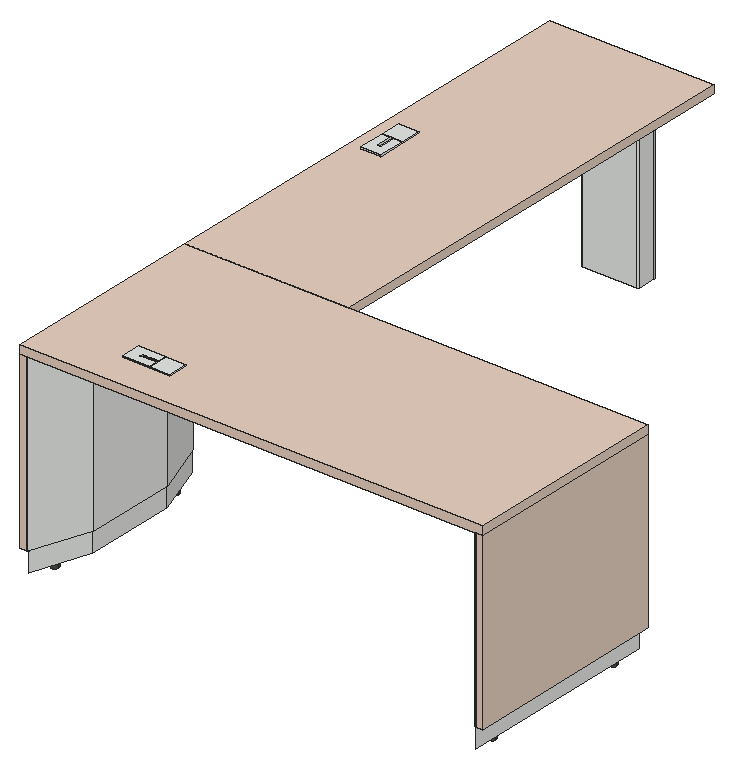
Revit family "Workstations-Multi_Level-Teknion-B_AUHB_L_Shape_Desk_for_U_Shape_High_Secondary_Desk_Bevel_Bases-R2018", category Furniture, Revit 2018
Family settings
  OmniClass Number = 23.40.20.00
  OmniClass Title = General Furniture and Specialties
  Work Plane-Based = No
  Always vertical = Yes
  Cut with Voids When Loaded = No
  Shared = Yes
  Room Calculation Point = No
Parameters (values of type "Rectangular Grommet on Desk & Return")
  Worksurface Thickness Options [instance] = "Select one of the options below:"  # constant formula
  Worksurface Thickness [instance] = if([1 3/16" Worksurface Thickness], 1.189", 1.555")  # 1.189"
  Worksurface Finish [instance] = Veneer-Teknion-5T-Flintwood-White_Truffle (Long Grain)
  Width B [instance] = 93.000"
  Width A [instance] = 65.000"
  Warranty = "http://www.teknion.com/ca/papers/legal-canada"
  Unit Weight URL = "http://www.teknion.com/ca/tools/assets#&asset=bee6a381-b954-425e-8283-5a2de3a804f2,f828d448-4b62-4231-9e5f-9a8991c0ed77"
  URL = "www.teknion.com"
  To render please download texture images found here [instance] = "https://assets.teknion.com/web/5e81352c1dfdb467/revit-material-swatches/"
  Sustainability Data = "https://www.teknion.com/ca/tools/assets#&topic=216f99a5-57a0-44fc-b10a-9dee9b29ae4c&asset=444deb64-fe58-4b68-981e-f75e97781df7,b4ff2d81-9f2e-437d-9659-7cffb09c31cf"
  Suspended Modesty Panel - Solid Finish [instance] = Veneer-Teknion-5T-Flintwood-White_Truffle (Long Grain)
  Suspended Modesty Panel - Solid [instance] = no
  Suspended Modesty Panel - Glass Hardware Finish [instance] = Paint - Teknion - Mica - Very White
  Suspended Modesty Panel - Glass Finish [instance] = Glass - Teknion - FT - Frosted Glass
  Suspended Modesty Panel - Glass [instance] = no
  Suspended Modesty Panel - Felt Finish [instance] = Fabric-Teknion-RB13-Carrera
  Suspended Modesty Panel - Felt [instance] = no
  Suspended Modest Panel Options [instance] = "Select one of the options below:"  # constant formula
  Suspended Modest Panel Height Options [instance] = "Select one of the options below:"  # constant formula
  Square Grommet on Return Cut Depth = 0.500"
  Square Grommet on Return = Square Grommet on Return Cut Depth = 4.000"  # no
  Square Grommet on Desk Cut Hole Depth = 0.500"
  Square Grommet on Desk = Square Grommet on Desk Cut Hole Depth = 4.000"  # no
  Series = "Expansion Casegoods"  # constant formula
  Rectangular Grommet on Desk = yes
  Rectangular Grommet On Return = yes
  Product Page URL = "https://www.teknion.com/ca/products/product-details?productlineid=0053336e-8e7a-673b-a6c8-ff00004460c4"
  Product Line = "Expansion Casegoods"  # constant formula
  Product Documentation Link #4 = "https://www.teknion.com/pricing/expansion-casegoods/pdfs/BASME_ppg.pdf"
  Product Documentation Link #3 = "https://www.teknion.com/pricing/expansion-casegoods/pdfs/BASMG_ppg.pdf"
  Product Documentation Link #2 = "https://www.teknion.com/pricing/expansion-casegoods/pdfs/BASML_ppg.pdf"
  Product Documentation Link = "https://www.teknion.com/pricing/expansion-casegoods/pdfs/B_AUHB_ppg.pdf"
  Part Number = "B_AUHB"  # constant formula
  No Suspended Modesty Panel [instance] = and(not([Suspended Modesty Panel - Felt]), not([Suspended Modesty Panel - Glass]), not([Suspended Modesty Panel - Solid]))  # yes
  Modesty Panel Width [instance] = if([1 3/16" Worksurface Thickness], 4.500", 5.000")  # 4.500"
  Modesty Panel Height [instance] = if([6" Height Suspended Modesty Panel], 6.636", 10.009")  # 6.636"
  Model = "B_AUHBE____O_"
  Manufacturer Phone = "416-661-3370"  # constant formula
  Manufacturer Fax = "416.661.4586"  # constant formula
  Manufacturer Contact Information = "http://www.teknion.com/ca/contactus"
  Manufacturer Address = "1150 Flint Road, Toronto, ON. M3J 2J5. Canada"  # constant formula
  Manufacturer = "Teknion"  # constant formula
  How To Use Teknion Materials User Guide [instance] = "https://assets.teknion.com/m/205dd0a49fa58060/original/How-to-add-a-Material-Library-and-Texture-Images-to-your-Revit-project.pdf"
  Height [instance] = 29.000"
  Grommet Finish [instance] = Paint - Teknion - Foundation - Crisp Grey
  Gable Thickness [instance] = if([1 3/16" Worksurface Thickness], 1.016", 1.555")  # 1.016"
  For Additional Finishes please visit [instance] = "https://assets.teknion.com/m/44a8009b046e5d47/original/Teknion_Materials_Library.zip"
  Fixed Height Bevel Base - Solid End Panel Finish [instance] = Veneer-Teknion-5T-Flintwood-White_Truffle (Long Grain)
  Fixed Height Bevel Base - Base Finish [instance] = Paint - Teknion - Foundation - Crisp Grey
  Description = "Height-Adjustable L-Shape Desk for U-Shape Workstation - High Secondary Desk - Bevel Bases, Extended Range - 29\" to 48\", Rectangular on Desk & Return"
  Depth B [instance] = 23.000"
  Depth A [instance] = 29.000"
  Connection Node Visibility [instance] = yes
  Available Width B [instance] = "93, 99, and 105 Inches"  # constant formula
  Available Width A [instance] = "65, 71, 77, 83, and 89 Inches"  # constant formula
  Available Heights [instance] = "29 to 48 Inches"  # constant formula
  Available Depth B [instance] = "23 or 29 Inches"  # constant formula
  Available Depth A [instance] = "29 or 35 Inches"  # constant formula
  Assembly Code = "E2020200"
  Actual Height [instance] = if([1 3/16" Worksurface Thickness], Height - 0.004", Height + 0.366")  # 28.996"
  6" Height Suspended Modesty Panel [instance] = yes
  10" Height Suspended Modesty Panel [instance] = not([6" Height Suspended Modesty Panel])  # no
  1 9/16" Worksurface Thickness [instance] = not([1 3/16" Worksurface Thickness])  # no
  1 3/16" Worksurface Thickness [instance] = yes
Types (6): name | Suspended Modesty Panel - Solid | Suspended Modesty Panel - Glass | Suspended Modesty Panel - Felt | Square Grommet on Return Cut Depth | Square Grommet on Return | Square Grommet on Desk Cut Hole Depth | Square Grommet on Desk | Rectangular Grommet on Desk | No Suspended Modesty Panel | Model | Description
  (no name) | no | no | no | 0.500" | no | 0.500" | no | yes | yes | "B_AUHBE____O_" | "Height-Adjustable L-Shape Desk for U-Shape Workstation - High Secondary Desk - Bevel Bases, Extended Range - 29\" to 48\", Rectangular on Desk & Return"
  Rectangular Grommet on Desk & Return | no | no | no | 0.500" | no | 0.500" | no | yes | yes | "B_AUHBE____O_" | "Height-Adjustable L-Shape Desk for U-Shape Workstation - High Secondary Desk - Bevel Bases, Extended Range - 29\" to 48\", Rectangular on Desk & Return"
  Rectangular Grommet on Return with Square Cutout on Return | no | no | no | 4.000" | yes | 0.500" | no | no | yes | "B_AUHBE____A_" | "Height-Adjustable L-Shape Desk for U-Shape Workstation - High Secondary Desk - Bevel Bases, Extended Range - 29\" to 48\", Rectangular & Square on Return"
  Rectangular Grommet on Return | yes | yes | yes | 0.500" | no | 0.500" | no | no | no | "B_AUHBE____N_" | "Height-Adjustable L-Shape Desk for U-Shape Workstation - High Secondary Desk - Bevel Bases, Extended Range - 29\" to 48\", Rectangular Grommet on Return"
  Rectangular Grommet on Desk & Return with Square Cutout on Desk | yes | yes | yes | 0.500" | no | 4.000" | yes | yes | no | "B_AUHBE____P_" | "Height-Adjustable L-Shape Desk for U-Shape Workstation - High Secondary Desk - Bevel Bases, Extended Range - 29\" to 48\", Rectangular on Desk & Return/Square on Desk"
  Rectangular Grommet on Desk & Return with Square Cutout on Return | yes | yes | yes | 4.000" | yes | 0.500" | no | yes | no | "B_AUHBE____Q_" | "Height-Adjustable L-Shape Desk for U-Shape Workstation - High Secondary Desk - Bevel Bases, Extended Range - 29\" to 48\", Rectangular on Desk & Return/Square on Return"
Reference planes (in)
  plane 1 "Center Front/Back": y = 0
  plane 2: z = 0
  plane 3 "Center Left/Right": x = -28
  plane 4 "Left": x = -51
  plane 5 "Right": x = 14
  plane 6 "Back": y = 64
  plane 7 "Front": y = -29
  plane 8 "Top": z = 28.996
  plane 9: x = -18.5
  plane 10: y = 32
  plane 11: y = -14.5
  plane 12: x = -39.5
  plane 13: z = 27.807
  plane 14: z = 0.60236
  plane 15: z = 3.44873
  plane 16: z = 25.807
  plane 17: z = 30.496
  plane 18: x = -49.984
  plane 19: x = 12.984
  plane 20: x = -46.5
  plane 21: x = 9.5
  plane 22: y = -21
  plane 23: z = 21.171
Forms (in)
  Sweep 1, solid, material "Veneer-Teknion-5T-Flintwood-White_Truffle (Long Grain)" <- "Worksurface Finish"
    path origin (0, 0, 0) x (1, 0, 0) y (0, 0, 1)
      loop
        line (-18.5, 28.996) -> (-18.5, 27.807)
    profile origin (-18.5, 0, 28.4015) x (0, -1, 0) y (1, 0, 0)
      loop
        line (-64, -32.5) -> (0, -32.5) -> (0, -9.5) -> (-64, -9.5) -> (-64, -32.5)
  Sweep 2, solid, material "Veneer-Teknion-5T-Flintwood-White_Truffle (Long Grain)" <- "Worksurface Finish"
    path origin (0, 0, 0) x (1, 0, 0) y (0, 0, 1)
      loop
        line (-18.5, 28.996) -> (-18.5, 27.807)
    profile origin (-18.5, 0, 28.4015) x (0, -1, 0) y (1, 0, 0)
      loop
        line (0, -32.5) -> (29, -32.5) -> (29, 32.5) -> (0, 32.5) -> (0, -32.5)
  Sweep 3, solid, material "Veneer-Teknion-5T-Flintwood-White_Truffle (Long Grain)" <- "Fixed Height Bevel Base - Solid End Panel Finish"
    path origin (27.409, -14.5, 0) x (1, 0, 0) y (0, 0, 1)
      loop
        line (-77.89986, 3.44873) -> (-77.89986, 27.807)
    profile origin (-50.49086, -14.5, 15.62787) x (-1, 0, 0) y (0, -1, 0)
      loop
        line (0.50914, -14.5) -> (0.50914, 14.5) -> (-0.50686, 14.5) -> (-0.50686, -14.5) -> (0.50914, -14.5)
  Sweep 4, solid, material "Paint - Teknion - Foundation - Crisp Grey" <- "Fixed Height Bevel Base - Base Finish"
    path origin (26.86975, -14.5, 0) x (1, 0, 0) y (0, 0, 1)
      loop
        line (-75.5, 0.60236) -> (-75.5, 3.44873)
    profile origin (-48.63025, -14.5, 2.02555) x (-1, 0, 0) y (0, -1, 0)
      loop
        line (1.27514, 14.32386) -> (-1.44533, 6.48638) -> (-1.44533, -6.48638) -> (1.27514, -14.32386) -> (1.27514, 14.32386)
  Sweep 5, solid, material "Paint - Teknion - Foundation - Crisp Grey" <- "Fixed Height Bevel Base - Base Finish"
    path origin (26.86975, -14.5, 0) x (1, 0, 0) y (0, 0, 1)
      loop
        line (-75.72802, 3.44873) -> (-75.72802, 27.807)
    profile origin (-48.85827, -14.5, 15.62787) x (-1, 0, 0) y (0, -1, 0)
      loop
        line (1.0248, -14.5) -> (1.12598, -14.5) -> (1.12598, 14.5) -> (1.0248, 14.5) -> (-1.75209, 6.5) -> (-1.75209, -6.5) -> (1.0248, -14.5)
  Sweep 6, solid, material "Veneer-Teknion-5T-Flintwood-White_Truffle (Long Grain)" <- "Fixed Height Bevel Base - Solid End Panel Finish"
    path origin (-58.409, -14.5, 0) x (-1, 0, 0) y (0, 0, 1)
      loop
        line (-71.88934, 3.44873) -> (-71.88934, 27.807)
    profile origin (13.48034, -14.5, 15.62787) x (1, 0, 0) y (0, 1, 0)
      loop
        line (0.51966, -14.5) -> (0.51966, 14.5) -> (-0.49634, 14.5) -> (-0.49634, -14.5) -> (0.51966, -14.5)
  Sweep 7, solid, material "Paint - Teknion - Foundation - Crisp Grey" <- "Fixed Height Bevel Base - Base Finish"
    path origin (-57.86975, -14.5, 0) x (-1, 0, 0) y (0, 0, 1)
      loop
        line (-69.41496, 0.60236) -> (-69.41496, 3.44873)
    profile origin (11.54522, -14.5, 2.02555) x (1, 0, 0) y (0, 1, 0)
      loop
        line (1.36018, 14.32386) -> (-1.3603, 6.48638) -> (-1.3603, -6.48638) -> (1.36018, -14.32386) -> (1.36018, 14.32386)
  Sweep 8, solid, material "Paint - Teknion - Foundation - Crisp Grey" <- "Fixed Height Bevel Base - Base Finish"
    path origin (-57.86975, -14.5, 0) x (-1, 0, 0) y (0, 0, 1)
      loop
        line (-69.5, 3.44873) -> (-69.5, 27.807)
    profile origin (11.63025, -14.5, 15.62787) x (1, 0, 0) y (0, 1, 0)
      loop
        line (1.25281, -14.5) -> (1.354, -14.5) -> (1.354, 14.5) -> (1.25281, 14.5) -> (-1.52407, 6.5) -> (-1.52407, -6.5) -> (1.25281, -14.5)
  Sweep 9, solid, material "Plastic - Teknion - E - Ebony"
    path origin (0, 0, 0) x (1, 0, 0) y (0, 0, 1)
      loop
        line (12.17585, 0) -> (12.17585, 0.60236)
    profile origin (12.17585, 0, 0.30118) x (-1, 0, 0) y (0, -1, 0)
      loop
        circle (61.41775, 3.91721) r 0.5
      loop
        circle (61.41775, 25.08279) r 0.5
      loop
        circle (-0.06604, 3.91721) r 0.5
      loop
        circle (-0.06604, 25.08279) r 0.5
  Sweep 10, solid, material "Paint - Teknion - Foundation - Crisp Grey" <- "Fixed Height Bevel Base - Base Finish"
    path origin (0, 0, 0) x (1, 0, 0) y (0, 1, 0)
      loop
        line (-42.76772, -14.5) -> (5.76772, -14.5)
    profile origin (-18.5, -14.5, 0) x (0, 1, 0) y (0, 0, 1)
      loop
        line (2.6752, 27.807) -> (-2.6752, 27.807) -> (-2.6752, 25.807) -> (2.6752, 25.807) -> (2.6752, 27.807)
  Sweep 11, solid, material "Paint - Teknion - Foundation - Crisp Grey" <- "Fixed Height Bevel Base - Base Finish"
    path origin (0, 0, 0) x (1, 0, 0) y (0, 1, 0)
      loop
        line (-47.10618, -14.5) -> (-42.76772, -14.5)
    profile origin (-44.93695, -14.5, 0) x (0, 1, 0) y (0, 0, 1)
      loop
        line (1.89961, 27.61802) -> (5.90551, 27.61802) -> (5.90551, 27.807) -> (-5.90551, 27.807) -> (-5.90551, 27.61802) -> (-1.89961, 27.61802) -> (-1.89961, 25.99598) -> (1.89961, 25.99598) -> (1.89961, 27.61802)
  Sweep 12, solid, material "Paint - Teknion - Foundation - Crisp Grey" <- "Fixed Height Bevel Base - Base Finish"
    path origin (59.04522, 0, 0) x (1, 0, 0) y (0, 1, 0)
      loop
        line (-53.2775, -14.5) -> (-48.93904, -14.5)
    profile origin (7.93695, -14.5, 0) x (0, 1, 0) y (0, 0, 1)
      loop
        line (-5.90551, 27.61802) -> (-1.89961, 27.61802) -> (-1.89961, 26.01137) -> (1.89961, 26.01137) -> (1.89961, 27.61802) -> (5.90551, 27.61802) -> (5.90551, 27.807) -> (-5.90551, 27.807) -> (-5.90551, 27.61802)
  Sweep 13, solid, material "Paint - Teknion - Foundation - Crisp Grey" <- "Grommet Finish", visible <- "Rectangular Grommet On Return"
    path origin (0, 0, 0) x (1, 0, 0) y (0, 0, 1)
      loop
        line (-47.85039, 29.14954) -> (-47.85039, 28.996)
    profile origin (-47.85039, 0, 29.07277) x (0, -1, 0) y (1, 0, 0)
      loop
        line (-35.32716, -1.42203) -> (-32.47993, -1.42203) -> (-32.47993, 1.42203) -> (-35.32716, 1.42203) -> (-35.32716, -1.42203)
  Sweep 14, solid, material "Paint - Teknion - Foundation - Crisp Grey" <- "Grommet Finish", visible <- "Rectangular Grommet On Return"
    path origin (0, 0, 0) x (1, 0, 0) y (0, 0, 1)
      loop
        line (-47.85039, 29.14954) -> (-47.85039, 28.996)
    profile origin (-47.85039, 0, 29.07277) x (0, -1, 0) y (1, 0, 0)
      loop
        line (-32.47993, -1.42203) -> (-28.67284, -1.42203) -> (-28.67284, 1.42203) -> (-32.47993, 1.42203) -> (-32.47993, 0.21267) -> (-30.20033, 0.21267) -> (-30.20033, -0.21267) -> (-32.47993, -0.21267) -> (-32.47993, -1.42203)
  Sweep 15, solid, material "Paint - Teknion - Foundation - Crisp Grey" <- "Fixed Height Bevel Base - Base Finish"
    path origin (0, 0, 0) x (1, 0, 0) y (0, 1, 0)
      loop
        line (-39.5, 0) -> (-39.5, 43.12)
    profile origin (-39.5, 21.56, 0) x (-1, 0, 0) y (0, 0, 1)
      loop
        line (-2.1752, 27.807) -> (-2.1752, 25.807) -> (3.1752, 25.807) -> (3.1752, 27.807) -> (-2.1752, 27.807)
  Sweep 16, void
    path origin (0, 0, 0) x (1, 0, 0) y (0, 0, 1)
      loop
        line (-48.47235, 30.496) -> (-48.47235, 29.996)
    profile origin (-48.47235, 0, 30.246) x (0, -1, 0) y (1, 0, 0)
      loop
        arc (-22.99213, 1.21644) -> (-23.1132, 1.50875) -> (-23.40551, 1.62983) r 0.41339
        line (-23.40551, 1.62983) -> (-24.59449, 1.62983)
        arc (-24.59449, 1.62983) -> (-24.8868, 1.50875) -> (-25.00787, 1.21644) r 0.41339
        line (-25.00787, 1.21644) -> (-25.00787, 0.02747)
        arc (-25.00787, 0.02747) -> (-24.8868, -0.26484) -> (-24.59449, -0.38592) r 0.41339
        line (-24.59449, -0.38592) -> (-23.40551, -0.38592)
        arc (-23.40551, -0.38592) -> (-23.1132, -0.26484) -> (-22.99213, 0.02747) r 0.41339
        line (-22.99213, 0.02747) -> (-22.99213, 1.21644)
  Sweep 17, solid, material "Paint - Teknion - Foundation - Crisp Grey" <- "Grommet Finish", visible <- "Rectangular Grommet on Desk"
    path origin (-69.19685, -70.55118, 0) x (0, -1, 0) y (0, 0, 1)
      loop
        line (-47.85039, 29.14954) -> (-47.85039, 28.996)
    profile origin (-69.19685, -22.70079, 29.07277) x (-1, 0, 0) y (0, -1, 0)
      loop
        line (-35.32716, -1.42203) -> (-32.47993, -1.42203) -> (-32.47993, 1.42203) -> (-35.32716, 1.42203) -> (-35.32716, -1.42203)
  Sweep 18, solid, material "Paint - Teknion - Foundation - Crisp Grey" <- "Grommet Finish", visible <- "Rectangular Grommet on Desk"
    path origin (-69.19685, -70.55118, 0) x (0, -1, 0) y (0, 0, 1)
      loop
        line (-47.85039, 29.14954) -> (-47.85039, 28.996)
    profile origin (-69.19685, -22.70079, 29.07277) x (-1, 0, 0) y (0, -1, 0)
      loop
        line (-32.47993, -1.42203) -> (-28.67284, -1.42203) -> (-28.67284, 1.42203) -> (-32.47993, 1.42203) -> (-32.47993, 0.21267) -> (-30.20033, 0.21267) -> (-30.20033, -0.21267) -> (-32.47993, -0.21267) -> (-32.47993, -1.42203)
  Sweep 19, void
    path origin (2.65354, -46.70079, 0) x (1, 0, 0) y (0, 0, 1)
      loop
        line (-47.9566, 30.496) -> (-47.9566, 29.996)
    profile origin (-45.30306, -46.70079, 30.246) x (0, -1, 0) y (1, 0, 0)
      loop
        arc (-22.99213, 0.70069) -> (-23.1132, 0.993) -> (-23.40551, 1.11408) r 0.41339
        line (-23.40551, 1.11408) -> (-24.59449, 1.11408)
        arc (-24.59449, 1.11408) -> (-24.8868, 0.993) -> (-25.00787, 0.70069) r 0.41339
        line (-25.00787, 0.70069) -> (-25.00787, -0.48828)
        arc (-25.00787, -0.48828) -> (-24.8868, -0.78059) -> (-24.59449, -0.90167) r 0.41339
        line (-24.59449, -0.90167) -> (-23.40551, -0.90167)
        arc (-23.40551, -0.90167) -> (-23.1132, -0.78059) -> (-22.99213, -0.48828) r 0.41339
        line (-22.99213, -0.48828) -> (-22.99213, 0.70069)
  Sweep 20, void
    path origin (0, 0, 0) x (1, 0, 0) y (0, 0, 1)
      loop
        line (-28, 23.807) -> (-28, 30.057)
    profile origin (-28, 0, 26.932) x (-1, 0, 0) y (0, -1, 0)
      loop
        line (14.76772, 12.60039) -> (14.76772, 8.59449) -> (15.11024, 8.59449) -> (15.11024, 12.60039) -> (14.76772, 12.60039)
      loop
        line (14.76772, 16.39961) -> (15.11024, 16.39961) -> (15.11024, 20.40551) -> (14.76772, 20.40551) -> (14.76772, 16.39961)
      loop
        line (-34.11024, 12.60039) -> (-34.11024, 8.59449) -> (-33.76772, 8.59449) -> (-33.76772, 12.60039) -> (-34.11024, 12.60039)
      loop
        line (-34.11024, 16.39961) -> (-33.76772, 16.39961) -> (-33.76772, 20.40551) -> (-34.11024, 20.40551) -> (-34.11024, 16.39961)
  Sweep 21, solid, material "Paint - Teknion - Foundation - Ebony", visible <- "Suspended Modesty Panel - Felt"
    path origin (0, 0, 0) x (1, 0, 0) y (0, 1, 0)
      loop
        line (-46.5, 0) -> (9.5, 0)
    profile origin (-18.5, 0, 0) x (0, 1, 0) y (0, 0, 1)
      loop
        line (-20.72441, 21.171) -> (-20.67717, 21.171) -> (-20.67717, 27.75976) -> (-20.13386, 27.75976) -> (-20.13386, 27.17708) -> (-20.08661, 27.17708) -> (-20.08661, 27.807) -> (-20.72441, 27.807) -> (-20.72441, 21.171)
  Sweep 22, solid, material "Fabric-Teknion-RB13-Carrera" <- "Suspended Modesty Panel - Felt Finish", visible <- "Suspended Modesty Panel - Felt"
    path origin (0, 0, 0) x (1, 0, 0) y (0, 1, 0)
      loop
        line (-46.5, 0) -> (9.5, 0)
    profile origin (-18.5, 0, 0) x (0, 1, 0) y (0, 0, 1)
      loop
        line (-20.40157, 27.21628) -> (-20.67717, 27.21628) -> (-20.67717, 21.171) -> (-20.40157, 21.171) -> (-20.40157, 27.21628)
      loop
        line (-20.72441, 21.171) -> (-20.72441, 27.21628) -> (-21, 27.21628) -> (-21, 21.171) -> (-20.72441, 21.171)
  Sweep 23, solid, material "Glass - Teknion - FT - Frosted Glass" <- "Suspended Modesty Panel - Glass Finish", visible <- "Suspended Modesty Panel - Glass"
    path origin (0, 0, 0) x (1, 0, 0) y (0, 1, 0)
      loop
        line (-46.5, 0) -> (9.5, 0)
    profile origin (-18.5, 0, 0) x (0, 1, 0) y (0, 0, 1)
      loop
        line (-20.76378, 27.807) -> (-21, 27.807) -> (-21, 21.18102) -> (-20.76378, 21.18102) -> (-20.76378, 27.807)
  Sweep 24, solid, material "Paint - Teknion - Mica - Very White" <- "Suspended Modesty Panel - Glass Hardware Finish", visible <- "Suspended Modesty Panel - Glass"
    path origin (0, 0, 0) x (1, 0, 0) y (0, 1, 0)
      loop
        line (-44.32677, 0) -> (7.32677, 0)
    profile origin (-18.5, 0, 0) x (0, 1, 0) y (0, 0, 1)
      loop
        line (-20.37402, 27.69283) -> (-20.76378, 27.69283) -> (-20.76378, 26.50385) -> (-20.37402, 26.50385) -> (-20.37402, 27.69283)
  Sweep 25, solid, material "Veneer-Teknion-5T-Flintwood-White_Truffle (Long Grain)" <- "Suspended Modesty Panel - Solid Finish", visible <- "Suspended Modesty Panel - Solid"
    path origin (0, 0, 0) x (1, 0, 0) y (0, 1, 0)
      loop
        line (-46.5, 0) -> (9.5, 0)
    profile origin (-18.5, 0, 0) x (0, 1, 0) y (0, 0, 1)
      loop
        line (-19.98425, 27.807) -> (-21, 27.807) -> (-21, 21.171) -> (-19.98425, 21.171) -> (-19.98425, 27.807)
  Sweep 26, solid, material "Paint - Teknion - Foundation - Crisp Grey" <- "Fixed Height Bevel Base - Base Finish"
    path origin (-0.69698, 57.049, 0) x (1, 0, 0) y (0, 0, 1)
      loop
        line (-0.5, 2.41339) -> (-0.5, 27.807)
    profile origin (-1.19698, 57.049, 15.11019) x (-1, 0, 0) y (0, -1, 0)
      loop
        arc (42.07861, -6.07305) -> (42.25538, -5.99982) -> (42.32861, -5.82305) r 0.25
        line (42.32861, -5.82305) -> (42.32861, -3.38998)
        arc (42.32861, -3.38998) -> (42.25538, -3.2132) -> (42.07861, -3.13998) r 0.25
        line (42.07861, -3.13998) -> (34.52743, -3.13998)
        arc (34.52743, -3.13998) -> (34.35065, -3.2132) -> (34.27743, -3.38998) r 0.25
        line (34.27743, -3.38998) -> (34.27743, -5.82305)
        arc (34.27743, -5.82305) -> (34.35065, -5.99982) -> (34.52743, -6.07305) r 0.25
        line (34.52743, -6.07305) -> (42.07861, -6.07305)
  Sweep 27, solid, material "Paint - Teknion - Foundation - Crisp Grey" <- "Fixed Height Bevel Base - Base Finish"
    path origin (-0.69698, 57.049, 0) x (1, 0, 0) y (0, 0, 1)
      loop
        line (-0.5, 27.807) -> (-0.5, 27.05503)
    profile origin (-1.19698, 57.049, 27.43102) x (0, -1, 0) y (1, 0, 0)
      loop
        line (-3.13998, -40.20262) -> (1.22026, -40.20262) -> (1.22026, -36.40341) -> (-3.13998, -36.40341) -> (-3.13998, -40.20262)
Cuts and joins
  Sweep 16, Sweep 19 cuts Sweep 1
  Sweep 20 cuts Sweep 12
  Sweep 20 cuts Sweep 11
  Sweep 19 cuts Sweep 2
Lines and regions (in)
  Masking region 1
    outline origin (0, 0, 0) x (1, 0, 0) y (0, 1, 0)
      loop
        line (-51, 64) -> (-51, 0) -> (-28, 0) -> (-28, 64) -> (-51, 64)
  Masking region 2
    outline origin (0, 0, 0) x (1, 0, 0) y (0, 1, 0)
      loop
        line (-51, 0) -> (-51, -29) -> (14, -29) -> (14, 0) -> (-51, 0)
  symbolic lines, visible <- "Rectangular Grommet On Return"
    curve 1: line (-49.27243, 35.32716, 0) -> (-49.27243, 32.47993, 0)
    curve 2: line (-46.42836, 35.32716, 0) -> (-49.27243, 35.32716, 0)
    curve 3: line (-46.42836, 32.47993, 0) -> (-46.42836, 35.32716, 0)
    curve 4: line (-49.27243, 32.47993, 0) -> (-46.42836, 32.47993, 0)
    curve 5: line (-49.27243, 32.47993, 0) -> (-49.27243, 28.67284, 0)
    curve 6: line (-49.27243, 28.67284, 0) -> (-46.42836, 28.67284, 0)
    curve 7: line (-46.42836, 28.67284, 0) -> (-46.42836, 32.47993, 0)
    curve 8: line (-47.63772, 32.47993, 0) -> (-47.63772, 30.20033, 0)
    curve 9: line (-48.06307, 30.20033, 0) -> (-48.06307, 32.47993, 0)
    curve 10: line (-47.63772, 30.20033, 0) -> (-48.06307, 30.20033, 0)
  symbolic lines, visible <- "Square Grommet on Return"
    curve 11: line (-48.44488, 22.99213, 0) -> (-47.25591, 22.99213, 0)
    curve 12: arc (-47.25591, 22.99213, 0) -> (-46.9636, 23.1132, 0) -> (-46.84252, 23.40551, 0) r 0.41339
    curve 13: line (-46.84252, 23.40551, 0) -> (-46.84252, 24.59449, 0)
    curve 14: arc (-46.84252, 24.59449, 0) -> (-46.9636, 24.8868, 0) -> (-47.25591, 25.00787, 0) r 0.41339
    curve 15: line (-47.25591, 25.00787, 0) -> (-48.44488, 25.00787, 0)
    curve 16: arc (-48.44488, 25.00787, 0) -> (-48.73719, 24.8868, 0) -> (-48.85827, 24.59449, 0) r 0.41339
    curve 17: line (-48.85827, 24.59449, 0) -> (-48.85827, 23.40551, 0)
    curve 18: arc (-48.85827, 23.40551, 0) -> (-48.73719, 23.1132, 0) -> (-48.44488, 22.99213, 0) r 0.41339
  symbolic lines, visible <- "Square Grommet on Desk"
    curve 19: line (-44.60236, -21.69291, 0) -> (-45.79134, -21.69291, 0)
    curve 20: arc (-45.79134, -21.69291, 0) -> (-46.08365, -21.81399, 0) -> (-46.20472, -22.1063, 0) r 0.41339
    curve 21: line (-46.20472, -22.1063, 0) -> (-46.20472, -23.29528, 0)
    curve 22: arc (-46.20472, -23.29528, 0) -> (-46.08365, -23.58758, 0) -> (-45.79134, -23.70866, 0) r 0.41339
    curve 23: line (-45.79134, -23.70866, 0) -> (-44.60236, -23.70866, 0)
    curve 24: arc (-44.60236, -23.70866, 0) -> (-44.31005, -23.58758, 0) -> (-44.18898, -23.29528, 0) r 0.41339
    curve 25: line (-44.18898, -23.29528, 0) -> (-44.18898, -22.1063, 0)
    curve 26: arc (-44.18898, -22.1063, 0) -> (-44.31005, -21.81399, 0) -> (-44.60236, -21.69291, 0) r 0.41339
  symbolic lines, visible <- "Rectangular Grommet on Desk"
    curve 27: line (-33.86969, -24.12282, 0) -> (-33.86969, -21.27876, 0)
    curve 28: line (-33.86969, -21.27876, 0) -> (-36.71692, -21.27876, 0)
    curve 29: line (-36.71692, -21.27876, 0) -> (-36.71692, -24.12282, 0)
    curve 30: line (-36.71692, -24.12282, 0) -> (-33.86969, -24.12282, 0)
    curve 31: line (-36.71692, -21.27876, 0) -> (-40.52401, -21.27876, 0)
    curve 32: line (-40.52401, -21.27876, 0) -> (-40.52401, -24.12282, 0)
    curve 33: line (-40.52401, -24.12282, 0) -> (-36.71692, -24.12282, 0)
    curve 34: line (-36.71692, -22.91346, 0) -> (-38.99652, -22.91346, 0)
    curve 35: line (-38.99652, -22.91346, 0) -> (-38.99652, -22.48811, 0)
    curve 36: line (-38.99652, -22.48811, 0) -> (-36.71692, -22.48811, 0)
  symbolic lines, style "FurnitureHiddenLines", detail levels medium+fine
    curve 37: line (-49.98425, 0, 0) -> (-49.98425, -29, 0)
    curve 38: line (-47.10618, -8, 0) -> (-49.88307, 0, 0)
    curve 39: line (-47.10618, -21, 0) -> (-47.10618, -8, 0)
    curve 40: line (-49.88307, -29, 0) -> (-47.10618, -21, 0)
    curve 41: line (-43.11024, -8.59449, 0) -> (-47.10618, -8.59449, 0)
    curve 42: line (-43.11024, -8.59449, 0) -> (-43.11024, -12.60039, 0)
    curve 43: line (-42.76772, -12.60039, 0) -> (-47.10618, -12.60039, 0)
    curve 44: line (-47.10618, -16.39961, 0) -> (-42.76772, -16.39961, 0)
    curve 45: line (-43.11024, -16.39961, 0) -> (-43.11024, -20.40551, 0)
    curve 46: line (-47.10618, -20.40551, 0) -> (-43.11024, -20.40551, 0)
    curve 47: line (-42.76772, -17.1752, 0) -> (-42.76772, -11.8248, 0)
    curve 48: line (5.76772, -11.8248, 0) -> (-42.76772, -11.8248, 0)
    curve 49: line (-42.76772, -17.1752, 0) -> (5.76772, -17.1752, 0)
    curve 50: line (5.76772, -17.1752, 0) -> (5.76772, -11.8248, 0)
    curve 51: line (10.10618, -12.60039, 0) -> (5.76772, -12.60039, 0)
    curve 52: line (6.11024, -12.60039, 0) -> (6.11024, -8.59449, 0)
    curve 53: line (10.10618, -8.59449, 0) -> (6.11024, -8.59449, 0)
    curve 54: line (5.76772, -16.39961, 0) -> (10.10618, -16.39961, 0)
    curve 55: line (6.11024, -20.40551, 0) -> (6.11024, -16.39961, 0)
    curve 56: line (6.11024, -20.40551, 0) -> (10.10618, -20.40551, 0)
    curve 57: line (12.98425, -29, 0) -> (12.98425, 0, 0)
    curve 58: line (10.10618, -21, 0) -> (12.88307, -29, 0)
    curve 59: line (10.10618, -8, 0) -> (10.10618, -21, 0)
    curve 60: line (12.88307, 0, 0) -> (10.10618, -8, 0)
    curve 61: arc (11.74189, -3.91721, 0) -> (12.24189, -4.41721, 0) -> (12.74189, -3.91721, 0) r 0.5
    curve 62: arc (12.74189, -3.91721, 0) -> (12.24189, -3.41721, 0) -> (11.74189, -3.91721, 0) r 0.5
    curve 63: arc (12.74189, -25.08279, 0) -> (12.24189, -24.58279, 0) -> (11.74189, -25.08279, 0) r 0.5
    curve 64: arc (11.74189, -25.08279, 0) -> (12.24189, -25.58279, 0) -> (12.74189, -25.08279, 0) r 0.5
    curve 65: arc (-48.74189, -25.08279, 0) -> (-49.24189, -24.58279, 0) -> (-49.74189, -25.08279, 0) r 0.5
    curve 66: arc (-49.74189, -25.08279, 0) -> (-49.24189, -25.58279, 0) -> (-48.74189, -25.08279, 0) r 0.5
    curve 67: arc (-48.74189, -3.91721, 0) -> (-49.24189, -3.41721, 0) -> (-49.74189, -3.91721, 0) r 0.5
    curve 68: arc (-49.74189, -3.91721, 0) -> (-49.24189, -4.41721, 0) -> (-48.74189, -3.91721, 0) r 0.5
    curve 100: line (-42.6752, 43.12, 0) -> (-42.6752, 0, 0)
    curve 101: line (-37.3248, 43.12, 0) -> (-42.6752, 43.12, 0)
    curve 102: line (-37.3248, 0, 0) -> (-37.3248, 43.12, 0)
    curve 107: line (-43.27559, 60.18898, 0) -> (-41.39961, 60.18898, 0)
    curve 108: line (-35.72441, 63.12205, 0) -> (-43.27559, 63.12205, 0)
    curve 109: line (-43.52559, 62.87205, 0) -> (-43.52559, 60.43898, 0)
    curve 110: line (-35.47441, 60.43898, 0) -> (-35.47441, 62.87205, 0)
    curve 111: line (-41.39961, 60.18898, 0) -> (-41.39961, 55.82874, 0)
    curve 112: line (-41.39961, 55.82874, 0) -> (-37.60039, 55.82874, 0)
    curve 113: line (-37.60039, 55.82874, 0) -> (-37.60039, 60.18898, 0)
    curve 114: arc (-43.27559, 60.18898, 0) -> (-43.45237, 60.2622, 0) -> (-43.52559, 60.43898, 0) r 0.25
    curve 115: arc (-43.52559, 62.87205, 0) -> (-43.45237, 63.04882, 0) -> (-43.27559, 63.12205, 0) r 0.25
    curve 116: arc (-35.72441, 63.12205, 0) -> (-35.54763, 63.04882, 0) -> (-35.47441, 62.87205, 0) r 0.25
    curve 117: arc (-35.47441, 60.43898, 0) -> (-35.54763, 60.2622, 0) -> (-35.72441, 60.18898, 0) r 0.25
    curve 119: line (-37.60039, 60.18898, 0) -> (-35.72441, 60.18898, 0)
  symbolic lines, style "FurnitureHiddenLines", detail levels fine
    curve 69: line (-49.90539, -0.17614, 0) -> (-49.90539, -28.82386, 0)
    curve 70: line (-47.18492, -8.01362, 0) -> (-49.90539, -0.17614, 0)
    curve 71: line (-47.18492, -20.98638, 0) -> (-47.18492, -8.01362, 0)
    curve 72: line (-49.90539, -28.82386, 0) -> (-47.18492, -20.98638, 0)
    curve 73: line (12.90539, -28.82386, 0) -> (12.90539, -0.17614, 0)
    curve 74: line (10.18492, -20.98638, 0) -> (12.90539, -28.82386, 0)
    curve 75: line (10.18492, -8.01362, 0) -> (10.18492, -20.98638, 0)
    curve 76: line (12.90539, -0.17614, 0) -> (10.18492, -8.01362, 0)
    curve 118: line (-41.39961, 60.18898, 0) -> (-37.60039, 60.18898, 0)
  symbolic lines, style "FurnitureHiddenLines", visible <- "Suspended Modesty Panel - Solid", detail levels medium+fine
    curve 77: line (9.5, -19.98425, 0) -> (-46.5, -19.98425, 0)
    curve 78: line (-46.5, -19.98425, 0) -> (-46.5, -21, 0)
    curve 79: line (-46.5, -21, 0) -> (9.5, -21, 0)
    curve 80: line (9.5, -21, 0) -> (9.5, -19.98425, 0)
  symbolic lines, style "FurnitureHiddenLines", visible <- "Suspended Modesty Panel - Felt", detail levels medium+fine
    curve 81: line (9.5, -20.08661, 0) -> (-46.5, -20.08661, 0)
    curve 82: line (-46.5, -20.08661, 0) -> (-46.5, -20.72441, 0)
    curve 83: line (-46.5, -20.72441, 0) -> (9.5, -20.72441, 0)
    curve 84: line (9.5, -20.72441, 0) -> (9.5, -20.08661, 0)
    curve 85: line (-46.5, -20.13386, 0) -> (9.5, -20.13386, 0)
    curve 86: line (9.5, -20.67717, 0) -> (-46.5, -20.67717, 0)
    curve 87: line (9.5, -20.40157, 0) -> (-46.5, -20.40157, 0)
    curve 88: line (-46.5, -20.40157, 0) -> (-46.5, -20.67717, 0)
    curve 89: line (-46.5, -20.67717, 0) -> (9.5, -20.67717, 0)
    curve 90: line (9.5, -20.67717, 0) -> (9.5, -20.40157, 0)
    curve 91: line (-46.5, -21, 0) -> (9.5, -21, 0)
    curve 92: line (9.5, -21, 0) -> (9.5, -20.72441, 0)
  symbolic lines, style "FurnitureHiddenLines", visible <- "Suspended Modesty Panel - Glass", detail levels medium+fine
    curve 93: line (9.5, -20.76378, 0) -> (-46.5, -20.76378, 0)
    curve 94: line (-46.5, -20.76378, 0) -> (-46.5, -21, 0)
    curve 95: line (-46.5, -21, 0) -> (9.5, -21, 0)
    curve 96: line (9.5, -21, 0) -> (9.5, -20.76378, 0)
    curve 97: line (-44.32677, -20.76378, 0) -> (-44.32677, -20.37402, 0)
    curve 98: line (7.32677, -20.37402, 0) -> (-44.32677, -20.37402, 0)
    curve 99: line (7.32677, -20.76378, 0) -> (7.32677, -20.37402, 0)
  reference lines
    curve 103: line (-51, 64, 0) -> (14, 64, 0)
    curve 104: line (14, 64, 0) -> (14, -29, 0)
    curve 105: line (-51, -29, 0) -> (14, -29, 0)
    curve 106: line (-51, 64, 0) -> (-51, -29, 0)
Dimensions and locks (in)
  "Width A": plane 4 "Left" to plane 5 "Right"
  "Width B": plane 6 "Back" to plane 7 "Front"
  "Actual Height": plane 8 "Top" to level
  "Depth B": plane 4 "Left" to plane 3 "Center Left/Right"
  "Depth A": plane 7 "Front" to plane 1 "Center Front/Back"
  equal spacing: plane 4 "Left", plane 9, plane 5 "Right"
  equal spacing: plane 1 "Center Front/Back", plane 10, plane 6 "Back"
  equal spacing: plane 7 "Front", plane 11, plane 1 "Center Front/Back"
  equal spacing: plane 4 "Left", plane 12, plane 3 "Center Left/Right"
  "Worksurface Thickness": plane 8 "Top" to plane 13
  locked: plane 14 to level at 0.60236
  plane 13 to plane 16 to plane 15 = 2.000" locked, 22.35827" locked
  plane 1 "Center Front/Back" to Sweep 4 sketch curve to Sweep 4 sketch curve = 0.17614" locked, 7.83748" locked
  plane 7 "Front" to Sweep 4 sketch curve to Sweep 4 sketch curve = 0.17614" locked, 7.83748" locked
  plane 18 to Sweep 4 sketch curve to Sweep 4 sketch curve = 0.07861" locked, 2.72047" locked
  locked: Sweep 5 sketch curve to Sweep 5 sketch curve at 8
  Sweep 5 sketch curve to plane 7 "Front" to Sweep 5 sketch curve = 0.000" locked, 8.000" locked
  Sweep 5 sketch curve to plane 18 to Sweep 5 sketch curve to Sweep 5 sketch curve to Sweep 5 sketch curve = 0.00025" locked, 0.10093" locked, 0.000" locked, 2.77688" locked
  plane 7 "Front" to Sweep 7 sketch curve to Sweep 7 sketch curve = 0.17614" locked, 7.83748" locked
  plane 1 "Center Front/Back" to Sweep 7 sketch curve to Sweep 7 sketch curve = 0.17614" locked, 7.83748" locked
  plane 19 to Sweep 7 sketch curve to Sweep 7 sketch curve = 0.07861" locked, 2.72047" locked
  Sweep 8 sketch curve to plane 7 "Front" to Sweep 8 sketch curve = 0.000" locked, 8.000" locked
  Sweep 8 sketch curve to plane 1 "Center Front/Back" to Sweep 8 sketch curve = 0.000" locked, 8.000" locked
  Sweep 8 sketch curve to plane 19 to Sweep 8 sketch curve to Sweep 8 sketch curve to Sweep 8 sketch curve = 0.00025" locked, 0.10093" locked, 0.000" locked, 2.77688" locked
  locked: Sweep 9 sketch curve to plane 1 "Center Front/Back" at 3.91721  (x2)
  locked: plane 18 to Sweep 9 sketch curve at 0.74211  (x2)
  locked: plane 7 "Front" to Sweep 9 sketch curve at 3.91721  (x2)
  locked: Sweep 9 sketch curve to plane 19 at 0.74211  (x2)
  locked: plane 18 to Sweep 10 sketch curve at 7.21628
  locked: Sweep 10 sketch curve to plane 19 at 7.21628
  Sweep 10 sketch curve to plane 11 to Sweep 10 sketch curve = 2.6752" locked, 2.6752" locked
  plane 18 to Sweep 11 sketch curve to Sweep 11 sketch curve = 2.87782" locked, 4.33846" locked
  Sweep 11 sketch curve to Sweep 11 sketch curve to plane 11 to Sweep 11 sketch curve to Sweep 11 sketch curve = 4.00591" locked, 1.89961" locked, 1.89961" locked, 4.00591" locked
  plane 13 to Sweep 11 sketch curve to Sweep 11 sketch curve to Sweep 11 sketch curve = 0.18898" locked, 0.000" locked, 1.62205" locked
  Sweep 12 sketch curve to Sweep 12 sketch curve to plane 19 = 4.33846" locked, 2.87782" locked
  Sweep 12 sketch curve to Sweep 12 sketch curve to plane 11 to Sweep 12 sketch curve to Sweep 12 sketch curve = 4.00591" locked, 1.89961" locked, 1.89961" locked, 4.00591" locked
  Sweep 12 sketch curve to Sweep 12 sketch curve to Sweep 12 sketch curve to plane 13 = 1.60666" locked, 0.000" locked, 0.18898" locked
  locked: Sweep 13 sketch curve to plane 8 "Top" at 0.15354
  locked: Sweep 14 sketch curve to plane 8 "Top" at 0.15354
  Sweep 14 sketch curve to Sweep 14 sketch curve to plane 10 to Sweep 14 sketch curve to Sweep 14 sketch curve = 0.000" locked, 0.47993" locked, 1.79967" locked, 1.52748" locked
  plane 4 "Left" to Sweep 14 sketch curve to Sweep 14 sketch curve to Sweep 14 sketch curve to Sweep 14 sketch curve = 1.72757" locked, 1.20936" locked, 0.42535" locked, 1.20936" locked
  locked: plane 6 "Back" to Sweep 15 sketch curve at 20.88
  Sweep 15 sketch curve to Sweep 15 sketch curve to plane 4 "Left" = 5.35039" locked, 8.3248" locked
  Sweep 13 sketch curve to Sweep 13 sketch curve to plane 10 = 2.84723" locked, 0.47993" locked
  plane 4 "Left" to Sweep 13 sketch curve to Sweep 13 sketch curve = 1.72757" locked, 2.84406" locked
  plane 10 to Sweep 16 sketch curve to Sweep 16 sketch curve to Sweep 16 sketch curve to Sweep 16 sketch curve to Sweep 16 sketch curve to Sweep 16 sketch curve = 6.99213" locked, 0.41339" locked, 0.000" locked, 1.18898" locked, 0.000" locked, 0.41339" locked
  plane 4 "Left" to Sweep 16 sketch curve to Sweep 16 sketch curve to Sweep 16 sketch curve to Sweep 16 sketch curve to Sweep 16 sketch curve to Sweep 16 sketch curve = 2.14173" locked, 0.41339" locked, 0.000" locked, 1.18898" locked, 0.000" locked, 0.41339" locked
  locked: plane 17 to plane 8 "Top" at 1.5
  "Square Grommet on Return Cut Depth": plane 17 to Sweep 16 sketch curve
  Sweep 18 sketch curve to Sweep 18 sketch curve to Sweep 18 sketch curve to Sweep 18 sketch curve to plane 4 "Left" = 0.000" locked, 2.2796" locked, 1.52748" locked, 10.47599" locked
  Sweep 18 sketch curve to Sweep 18 sketch curve to Sweep 18 sketch curve to Sweep 18 sketch curve to plane 7 "Front" = 1.20936" locked, 0.42535" locked, 1.20936" locked, 4.87718" locked
  Sweep 17 sketch curve to Sweep 17 sketch curve to plane 4 "Left" = 2.84723" locked, 14.28308" locked
  Sweep 17 sketch curve to Sweep 17 sketch curve to plane 7 "Front" = 2.84406" locked, 4.87718" locked
  Sweep 19 sketch curve to Sweep 19 sketch curve to Sweep 19 sketch curve to Sweep 19 sketch curve to Sweep 19 sketch curve to Sweep 19 sketch curve to plane 7 "Front" = 0.41339" locked, 0.000" locked, 1.18898" locked, 0.000" locked, 0.41339" locked, 5.29134" locked
  plane 4 "Left" to Sweep 19 sketch curve to Sweep 19 sketch curve to Sweep 19 sketch curve to Sweep 19 sketch curve to Sweep 19 sketch curve to Sweep 19 sketch curve = 4.79528" locked, 0.41339" locked, 0.000" locked, 1.18898" locked, 0.000" locked, 0.41339" locked
  "Square Grommet on Desk Cut Hole Depth": plane 17 to Sweep 19 sketch curve
  "Gable Thickness": plane 4 "Left" to plane 18
  "Gable Thickness": plane 19 to plane 5 "Right"
  Sweep 20 sketch curve to plane 13 to Sweep 20 sketch curve = 2.250" locked, 4.000" locked
  Sweep 20 sketch curve to Sweep 20 sketch curve to plane 11 to Sweep 20 sketch curve to Sweep 20 sketch curve = 4.00591" locked, 1.89961" locked, 1.89961" locked, 4.00591" locked  (x2)
  plane 18 to Sweep 20 sketch curve to Sweep 20 sketch curve to Sweep 20 sketch curve to Sweep 20 sketch curve = 6.87376" locked, 0.000" locked, 0.34252" locked, 0.000" locked
  Sweep 20 sketch curve to Sweep 20 sketch curve to Sweep 20 sketch curve to Sweep 20 sketch curve to plane 19 = 0.000" locked, 0.34252" locked, 0.000" locked, 6.87376" locked
  "Modesty Panel Width": plane 4 "Left" to plane 20
  "Modesty Panel Width": plane 21 to plane 5 "Right"
  plane 7 "Front" to plane 22 = 8.000"
  "Modesty Panel Height": plane 13 to plane 23
  plane 13 to Sweep 21 sketch curve to Sweep 21 sketch curve to Sweep 21 sketch curve = 0.000" locked, 0.04724" locked, 0.58268" locked
  Sweep 21 sketch curve to Sweep 21 sketch curve to Sweep 21 sketch curve to Sweep 21 sketch curve to plane 22 = 0.04724" locked, 0.54331" locked, 0.04724" locked, 0.27559" locked
  Sweep 22 sketch curve to Sweep 22 sketch curve to Sweep 22 sketch curve to plane 22 = 0.27559" locked, 0.04724" locked, 0.27559" locked
  locked: Sweep 23 sketch curve to plane 22 at 0.23622
  locked: plane 23 to Sweep 23 sketch curve at 0.01002
  locked: plane 20 to Sweep 24 sketch curve at 2.17323
  locked: Sweep 24 sketch curve to plane 21 at 2.17323
  Sweep 24 sketch curve to Sweep 24 sketch curve to plane 22 = 0.38976" locked, 0.23622" locked
  plane 13 to Sweep 24 sketch curve to Sweep 24 sketch curve = 0.11417" locked, 1.18898" locked
  locked: Sweep 25 sketch curve to plane 22 at 1.01575
  Sweep 26 sketch curve to Sweep 26 sketch curve to Sweep 26 sketch curve to plane 12 to Sweep 26 sketch curve to Sweep 26 sketch curve to Sweep 26 sketch curve = 0.250" locked, 0.000" locked, 3.77559" locked, 3.77559" locked, 0.000" locked, 0.250" locked
  plane 6 "Back" to Sweep 26 sketch curve to Sweep 26 sketch curve to Sweep 26 sketch curve to Sweep 26 sketch curve to Sweep 26 sketch curve to Sweep 26 sketch curve = 0.87795" locked, 0.250" locked, 0.000" locked, 2.43307" locked, 0.000" locked, 0.250" locked
  plane 6 "Back" to Sweep 27 sketch curve to Sweep 27 sketch curve = 3.81102" locked, 4.36024" locked
  Sweep 27 sketch curve to plane 12 to Sweep 27 sketch curve = 1.89961" locked, 1.89961" locked
  locked: Sweep 26 sketch curve to level at 2.41339
  locked: plane 13 to Sweep 27 sketch curve at 0.75197
  aligned and locked: level to plane 2
  aligned and locked: plane 8 "Top" to Sweep 1 sketch curve
  aligned and locked: plane 13 to Sweep 1 sketch curve
  aligned and locked: Sweep 1 sketch curve to plane 6 "Back"
  aligned and locked: Sweep 1 sketch curve to plane 4 "Left"
  aligned and locked: plane 1 "Center Front/Back" to Sweep 1 sketch curve
  aligned and locked: Sweep 1 sketch curve to plane 3 "Center Left/Right"
  aligned and locked: plane 8 "Top" to Sweep 2 sketch curve
  aligned and locked: plane 13 to Sweep 2 sketch curve
  aligned and locked: Sweep 2 sketch curve to plane 7 "Front"
  aligned and locked: plane 5 "Right" to Sweep 2 sketch curve
  aligned and locked: plane 4 "Left" to Sweep 2 sketch curve
  aligned and locked: plane 1 "Center Front/Back" to Sweep 2 sketch curve
  aligned and locked: plane 1 "Center Front/Back" to Sweep 3 sketch curve
  aligned and locked: Sweep 3 sketch curve to plane 7 "Front"
  aligned and locked: plane 4 "Left" to Sweep 3 sketch curve
  aligned and locked: plane 1 "Center Front/Back" to Sweep 5 sketch curve
  aligned and locked: plane 5 "Right" to Sweep 6 sketch curve
  aligned and locked: plane 1 "Center Front/Back" to Sweep 6 sketch curve
  aligned and locked: Sweep 6 sketch curve to plane 7 "Front"
  aligned and locked: plane 13 to Sweep 5 sketch curve
  aligned and locked: plane 15 to Sweep 5 sketch curve
  aligned and locked: plane 13 to Sweep 3 sketch curve
  aligned and locked: plane 15 to Sweep 3 sketch curve
  aligned and locked: plane 15 to Sweep 4 sketch curve
  aligned and locked: plane 14 to Sweep 4 sketch curve
  aligned and locked: plane 15 to Sweep 7 sketch curve
  aligned and locked: plane 14 to Sweep 7 sketch curve
  aligned and locked: plane 13 to Sweep 8 sketch curve
  aligned and locked: plane 15 to Sweep 8 sketch curve
  aligned and locked: plane 13 to Sweep 6 sketch curve
  aligned and locked: plane 15 to Sweep 6 sketch curve
  aligned and locked: plane 14 to Sweep 9 sketch curve
  aligned and locked: plane 2 to Sweep 9 sketch curve
  aligned and locked: Sweep 10 sketch curve to plane 11
  aligned and locked: Sweep 10 sketch curve to plane 16
  aligned and locked: Sweep 10 sketch curve to plane 13
  aligned and locked: Sweep 11 sketch curve to plane 11
  aligned and locked: Sweep 11 sketch curve to plane 13
  aligned and locked: Sweep 12 sketch curve to plane 13
  aligned and locked: plane 8 "Top" to Sweep 13 sketch curve
  aligned and locked: plane 8 "Top" to Sweep 14 sketch curve
  aligned and locked: plane 1 "Center Front/Back" to Sweep 15 sketch curve
  aligned and locked: plane 12 to Sweep 15 sketch curve
  aligned and locked: Sweep 15 sketch curve to plane 16
  aligned and locked: Sweep 15 sketch curve to plane 13
  aligned and locked: Sweep 12 sketch curve to plane 11
  aligned and locked: plane 17 to Sweep 16 sketch curve
  aligned and locked: plane 17 to Sweep 19 sketch curve
  aligned and locked: plane 3 "Center Left/Right" to Sweep 20 sketch curve
  aligned and locked: plane 18 to Sweep 3 sketch curve
  aligned and locked: Sweep 6 sketch curve to plane 19
  aligned and locked: plane 1 "Center Front/Back" to Sweep 21 sketch curve
  aligned and locked: plane 20 to Sweep 21 sketch curve
  aligned and locked: plane 21 to Sweep 21 sketch curve
  aligned and locked: plane 23 to Sweep 21 sketch curve
  aligned and locked: plane 1 "Center Front/Back" to Sweep 22 sketch curve
  aligned and locked: plane 21 to Sweep 22 sketch curve
  aligned and locked: plane 20 to Sweep 22 sketch curve
  aligned and locked: Sweep 22 sketch curve to plane 23
  aligned and locked: plane 23 to Sweep 22 sketch curve
  aligned and locked: plane 22 to Sweep 22 sketch curve
  aligned and locked: plane 1 "Center Front/Back" to Sweep 23 sketch curve
  aligned and locked: plane 21 to Sweep 23 sketch curve
  aligned and locked: plane 20 to Sweep 23 sketch curve
  aligned and locked: Sweep 23 sketch curve to plane 22
  aligned and locked: Sweep 23 sketch curve to plane 13
  aligned and locked: plane 1 "Center Front/Back" to Sweep 24 sketch curve
  aligned and locked: plane 20 to Sweep 25 sketch curve
  aligned and locked: plane 21 to Sweep 25 sketch curve
  aligned and locked: plane 1 "Center Front/Back" to Sweep 25 sketch curve
  aligned and locked: Sweep 25 sketch curve to plane 22
  aligned and locked: Sweep 25 sketch curve to plane 23
  aligned and locked: Sweep 25 sketch curve to plane 13
  aligned and locked: Masking region 1 sketch curve to plane 1 "Center Front/Back"
  aligned and locked: Masking region 1 sketch curve to plane 3 "Center Left/Right"
  aligned and locked: plane 4 "Left" to Masking region 1 sketch curve
  aligned and locked: Masking region 1 sketch curve to plane 6 "Back"
  aligned and locked: plane 5 "Right" to Masking region 2 sketch curve
  aligned and locked: plane 1 "Center Front/Back" to Masking region 2 sketch curve
  aligned and locked: plane 4 "Left" to Masking region 2 sketch curve
  aligned and locked: Masking region 2 sketch curve to plane 7 "Front"
  aligned and locked: curve 1 to Sweep 13
  aligned and locked: curve 2 to Sweep 13
  aligned and locked: curve 3 to Sweep 13
  aligned and locked: curve 4 to Sweep 13
  aligned and locked: curve 5 to Sweep 14
  aligned and locked: curve 6 to Sweep 14
  aligned and locked: curve 7 to Sweep 14
  aligned and locked: curve 8 to Sweep 14
  aligned and locked: curve 9 to Sweep 14
  aligned and locked: curve 10 to Sweep 14
  aligned and locked: curve 12 to Sweep 16
  aligned and locked: curve 14 to Sweep 16
  aligned and locked: curve 16 to Sweep 16
  aligned and locked: curve 18 to Sweep 16
  aligned and locked: curve 20 to Sweep 19
  aligned and locked: curve 22 to Sweep 19
  aligned and locked: curve 24 to Sweep 19
  aligned and locked: curve 26 to Sweep 19
  aligned and locked: curve 27 to Sweep 17
  aligned and locked: curve 28 to Sweep 17
  aligned and locked: curve 29 to Sweep 17
  aligned and locked: curve 30 to Sweep 17
  aligned and locked: curve 31 to Sweep 18
  aligned and locked: curve 32 to Sweep 18
  aligned and locked: curve 33 to Sweep 18
  aligned and locked: curve 34 to Sweep 18
  aligned and locked: curve 35 to Sweep 18
  aligned and locked: curve 36 to Sweep 18
  aligned and locked: curve 37 to Sweep 5
  aligned and locked: curve 38 to Sweep 5
  aligned and locked: curve 39 to Sweep 5
  aligned and locked: curve 40 to Sweep 5
  aligned and locked: curve 41 to cut or joined group of Sweep 11, Sweep 20
  aligned and locked: curve 42 to cut or joined group of Sweep 11, Sweep 20
  aligned and locked: curve 43 to cut or joined group of Sweep 11, Sweep 20
  aligned and locked: curve 44 to cut or joined group of Sweep 11, Sweep 20
  aligned and locked: curve 45 to cut or joined group of Sweep 11, Sweep 20
  aligned and locked: curve 46 to cut or joined group of Sweep 11, Sweep 20
  aligned and locked: curve 47 to Sweep 10
  aligned and locked: curve 48 to Sweep 10
  aligned and locked: curve 49 to Sweep 10
  aligned and locked: curve 50 to Sweep 10
  aligned and locked: curve 51 to cut or joined group of Sweep 12, Sweep 20
  aligned and locked: curve 52 to cut or joined group of Sweep 12, Sweep 20
  aligned and locked: curve 53 to cut or joined group of Sweep 12, Sweep 20
  aligned and locked: curve 54 to cut or joined group of Sweep 12, Sweep 20
  aligned and locked: curve 55 to cut or joined group of Sweep 12, Sweep 20
  aligned and locked: curve 56 to cut or joined group of Sweep 12, Sweep 20
  aligned and locked: curve 57 to Sweep 8
  aligned and locked: curve 58 to Sweep 8
  aligned and locked: curve 59 to Sweep 8
  aligned and locked: curve 60 to Sweep 8
  aligned and locked: curve 61 to Sweep 9
  aligned and locked: curve 62 to Sweep 9
  aligned and locked: curve 63 to Sweep 9
  aligned and locked: curve 64 to Sweep 9
  aligned and locked: curve 65 to Sweep 9
  aligned and locked: curve 66 to Sweep 9
  aligned and locked: curve 67 to Sweep 9
  aligned and locked: curve 68 to Sweep 9
  aligned and locked: curve 69 to Sweep 4
  aligned and locked: curve 70 to Sweep 4
  aligned and locked: curve 71 to Sweep 4
  aligned and locked: curve 72 to Sweep 4
  aligned and locked: curve 73 to Sweep 7
  aligned and locked: curve 74 to Sweep 7
  aligned and locked: curve 75 to Sweep 7
  aligned and locked: curve 76 to Sweep 7
  aligned and locked: curve 77 to Sweep 25
  aligned and locked: curve 78 to Sweep 25
  aligned and locked: curve 81 to Sweep 21
  aligned and locked: curve 82 to Sweep 21
  aligned and locked: curve 83 to Sweep 21
  aligned and locked: curve 84 to Sweep 21
  aligned and locked: curve 85 to Sweep 21
  aligned and locked: curve 86 to Sweep 21
  aligned and locked: curve 87 to Sweep 22
  aligned and locked: curve 88 to Sweep 22
  aligned and locked: curve 89 to Sweep 22
  aligned and locked: Sweep 22 to curve 90
  aligned and locked: curve 93 to Sweep 23
  aligned and locked: curve 94 to Sweep 23
  aligned and locked: curve 95 to Sweep 23
  aligned and locked: curve 96 to Sweep 23
  aligned and locked: curve 97 to Sweep 24
  aligned and locked: curve 98 to Sweep 24
  aligned and locked: curve 99 to Sweep 24
  aligned and locked: curve 100 to Sweep 15
  aligned and locked: curve 101 to Sweep 15
  aligned and locked: curve 102 to Sweep 15
  aligned and locked: nested 1 to plane 6 "Back"
  aligned and locked: plane 12 to nested 1
  aligned and locked: curve 103 to plane 6 "Back"
  aligned and locked: curve 104 to plane 5 "Right"
  aligned and locked: curve 105 to plane 7 "Front"
  aligned and locked: curve 106 to plane 4 "Left"
  aligned and locked: curve 111 to Sweep 27
  aligned and locked: curve 113 to Sweep 27
  aligned and locked: plane 13 to Sweep 26 sketch curve
  aligned and locked: plane 13 to Sweep 27 sketch curve
Automatic sketch dimensions
  Sweep 1 sketch curve to plane 9 = 0.000"
  Sweep 2 sketch curve to plane 9 = 0.000"
  plane 4 "Left" to Sweep 3 sketch curve = 0.50914"
  plane 4 "Left" to Sweep 4 sketch curve = 2.36975"
  plane 4 "Left" to Sweep 5 sketch curve = 2.14173"
  plane 5 "Right" to Sweep 6 sketch curve = 0.51966"
  plane 5 "Right" to Sweep 7 sketch curve = 2.45478"
  plane 5 "Right" to Sweep 8 sketch curve = 2.36975"
  plane 5 "Right" to Sweep 9 sketch curve = 1.82415"
  plane 4 "Left" to Sweep 13 sketch curve = 3.14961"
  plane 4 "Left" to Sweep 14 sketch curve = 3.14961"
  plane 4 "Left" to Sweep 19 sketch curve = 5.69694"
  Sweep 22 sketch curve to Sweep 22 sketch curve = 6.04528"
  Sweep 22 sketch curve to Sweep 22 sketch curve = 0.000"
  plane 1 "Center Front/Back" to curve 38 = 0.000"
  plane 7 "Front" to curve 40 = 0.000"
  plane 7 "Front" to curve 58 = 0.000"
  plane 1 "Center Front/Back" to curve 60 = 0.000"
  plane 7 "Front" to curve 37 = 0.000"
  plane 7 "Front" to curve 57 = 0.000"
  plane 1 "Center Front/Back" to curve 57 = 0.000"
  plane 1 "Center Front/Back" to curve 102 = 0.000"
  plane 1 "Center Front/Back" to curve 37 = 0.000"
  plane 1 "Center Front/Back" to curve 100 = 0.000"
  Sweep 17 sketch curve to plane 8 "Top" = 0.000"
  plane 22 to Sweep 17 sketch curve = 1.70079"
  plane 8 "Top" to Sweep 17 sketch curve = 0.15354"
  Sweep 18 sketch curve to plane 8 "Top" = 0.000"
  plane 22 to Sweep 18 sketch curve = 1.70079"
  plane 8 "Top" to Sweep 18 sketch curve = 0.15354"
  curve 109 to plane 9 = 25.02559"
  curve 115 to curve 115 = 0.250"
  curve 109 to curve 107 = 0.250"
  curve 118 to curve 108 = 1.87598"
  curve 118 to curve 119 = 1.87598"
  curve 116 to curve 110 = 0.250"
  curve 112 to plane 6 "Back" = 8.17126"
  curve 113 to curve 118 = 4.36024"
  curve 110 to curve 110 = 2.43307"
  plane 5 "Right" to Sweep 26 sketch curve = 15.19698"
  plane 5 "Right" to Sweep 27 sketch curve = 15.19698"
  Sweep 16 sketch curve to plane 18 = 1.51165"
  radius of Sweep 9 sketch curve = 0.500"  (x4)
Nested families (in)
  nested 1: "Teknion_2D_Node_Family-R2016" at (-39.5, 64, 0), visible <- "Connection Node Visibility", type "Teknion_2D_Node_Family-R2016"
Definition of nested family "Teknion_2D_Node_Family-R2016"
  Reference planes (in)
    plane 1 "Center (Front/Back)": y = 0
    plane 2: z = 0
    plane 3 "Center (Left/Right)": x = 0
  Lines and regions (in)
    detail lines, in view "Ref. Level"
      curve 1: circle (0, 0, 0) r 1.25 normal (0, 0, 1)
      curve 2: line (1.91508, -1.91508, 0) -> (-1.91508, 1.91508, 0)
      curve 3: line (-1.91508, -1.91508, 0) -> (1.91508, 1.91508, 0)
